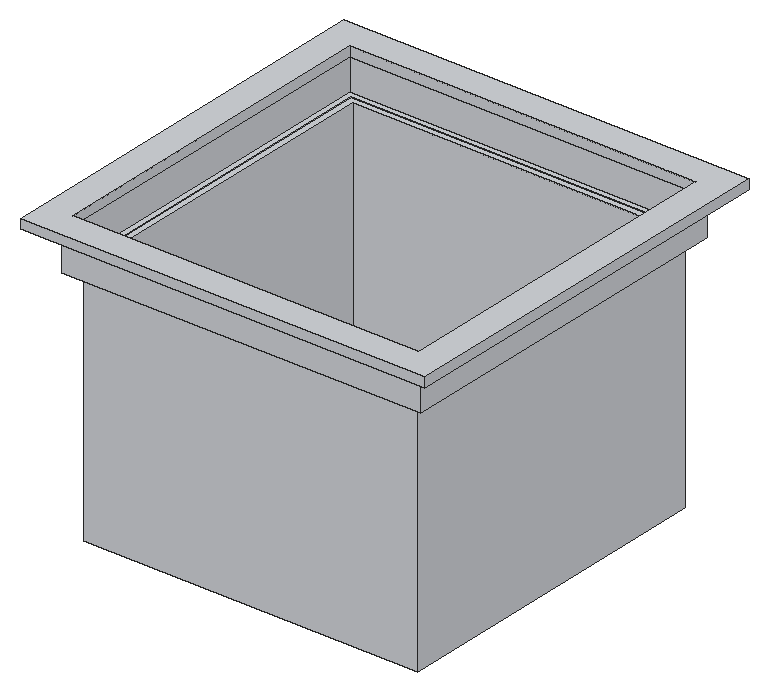
Revit family "Gira_289600", category Electrical Fixtures, host Face, Revit 2017
Family settings
  Host = Face
  Maintain Annotation Orientation = No
  Round Connector Dimension = Use Diameter
  Part Type = Normal
  Cut with Voids When Loaded = No
  Shared = No
  Room Calculation Point = No
Parameters (values of type "DB 1-g flat Gira E22")
  URL = "http://katalog.gira.de/en/datenblatt.html?artikelnr=289600"
  Shape = "Square"
  Name = "DB 1-g flat Gira E22"
  Mounting switching equipment = "Screwing"
  Model = "Other"
  Manufacturer URL = "https://www.gira.de/"
  Manufacturer = "Gira"
  Keynote = ""
  HeinzeBIM = "https://bimportal.heinze.de/bim/db-1-g-flat-gira-e22/b8c48c3185bb2c7e785c9a078046f11d8d85f651"
  HAN = "289600"
  GTIN = "4010337066514"
  Equipped with = "None"
  Description = "DB 1g flat E22,Gira E2, Gira E22 device box for flat installation,,1-gang,Features:,- With the aid of the Gira device box and cover frame for flat installation, the Gira E2 and Gira E22 design lines can be installed flat on the wall.,- For flush-mounted installation in brickwork, the device box is inserted into an flush-mounted installation box, which is then placed in the wall.,,Notes :,- The device box has no cable retainer."
  Default Elevation = 1219.2 mm
  Data sheet (1) = "https://katalog.gira.de/en/download.html?artikelnr=289600"
  Construction type = "Built-in installation box (device box)"
  Category = "Box/housing for built-in mounting in the wall/ceiling"
  BIM (1) = "https://media.stage.bim.site/public/gira/36a6b08/E22flach_Gerätedose_1fach.rfa?public/gira/36a6b08/E22flach_Gerätedose_1fach.rfa"
  Available = "No"
Reference planes
  plane 1 "Center (Front/Back)": y = 0
  plane 2: z = 0
  plane 3 "Center (Left/Right)": x = 0
Forms (mm)
  Extrusion 1, solid, detail levels fine
    sketch origin (0, 0, 0) x (1, 0, 0) y (0, 1, 0)
      loop
        line (-42, -42) -> (42, -42) -> (42, 42) -> (-42, 42) -> (-42, -42)
      loop
        line (-36.007, 35.957) -> (-36.007, -35.957) -> (36.007, -35.957) -> (36.007, 35.957) -> (-36.007, 35.957)
    from -1 to 1
  Extrusion 2, solid, detail levels fine
    sketch origin (0, 0, 0) x (1, 0, 0) y (0, 1, 0)
      loop
        line (-37.25, 37.2) -> (-37.25, -37.2) -> (37.25, -37.2) -> (37.25, 37.2) -> (-37.25, 37.2)
      loop
        line (-36.007, 35.957) -> (-36.007, -35.957) -> (36.007, -35.957) -> (36.007, 35.957) -> (-36.007, 35.957)
    from -9.5 to 0
  Extrusion 3, solid, detail levels fine
    sketch origin (0, 0, 0) x (1, 0, 0) y (0, 1, 0)
      loop
        line (34.7, 34.75) -> (-34.7, 34.75) -> (-34.7, -34.75) -> (34.7, -34.75) -> (34.7, 34.75)
      loop
        line (-33.251, 33.301) -> (-33.251, -33.301) -> (33.251, -33.301) -> (33.251, 33.301) -> (-33.251, 33.301)
    from -59.5 to -7.5
  Extrusion 4, solid, detail levels fine
    sketch origin (0, 0, 0) x (1, 0, 0) y (0, 1, 0)
      loop
        line (-33.251, 33.301) -> (-33.251, -33.301) -> (33.251, -33.301) -> (33.251, 33.301) -> (-33.251, 33.301)
    from -59.5 to -57.5
  Extrusion 5, solid, detail levels fine
    sketch origin (0, 0, 0) x (1, 0, 0) y (0, 1, 0)
      loop
        line (-34.7, -34.75) -> (34.7, -34.75) -> (34.7, 34.75) -> (-34.7, 34.75) -> (-34.7, -34.75)
      loop
        line (-36.007, -35.957) -> (36.007, -35.957) -> (36.007, 35.957) -> (-36.007, 35.957) -> (-36.007, -35.957)
    from -9.5 to -7.5
  Extrusion 6, solid, detail levels coarse
    sketch origin (0, 0, 0) x (1, 0, 0) y (0, 1, 0)
      loop
        line (-42, -42) -> (42, -42) -> (42, 42) -> (-42, 42) -> (-42, -42)
    from -59.5 to 1
  Extrusion 7, solid, detail levels medium
    sketch origin (0, 0, 0) x (1, 0, 0) y (0, 1, 0)
      loop
        line (-42, -42) -> (42, -42) -> (42, 42) -> (-42, 42) -> (-42, -42)
    from -1 to 1
  Extrusion 8, solid, detail levels medium
    sketch origin (0, 0, 0) x (1, 0, 0) y (0, 1, 0)
      loop
        line (34.7, 34.75) -> (-34.7, 34.75) -> (-34.7, -34.75) -> (34.7, -34.75) -> (34.7, 34.75)
    from -59.5 to -9.5
  Extrusion 9, solid, detail levels medium
    sketch origin (0, 0, 0) x (1, 0, 0) y (0, 1, 0)
      loop
        line (-37.25, 37.2) -> (-37.25, -37.2) -> (37.25, -37.2) -> (37.25, 37.2) -> (-37.25, 37.2)
    from -9.5 to 0
Dimensions and locks
  aligned and locked: plane 2 to host face
  aligned and locked: level to host face
